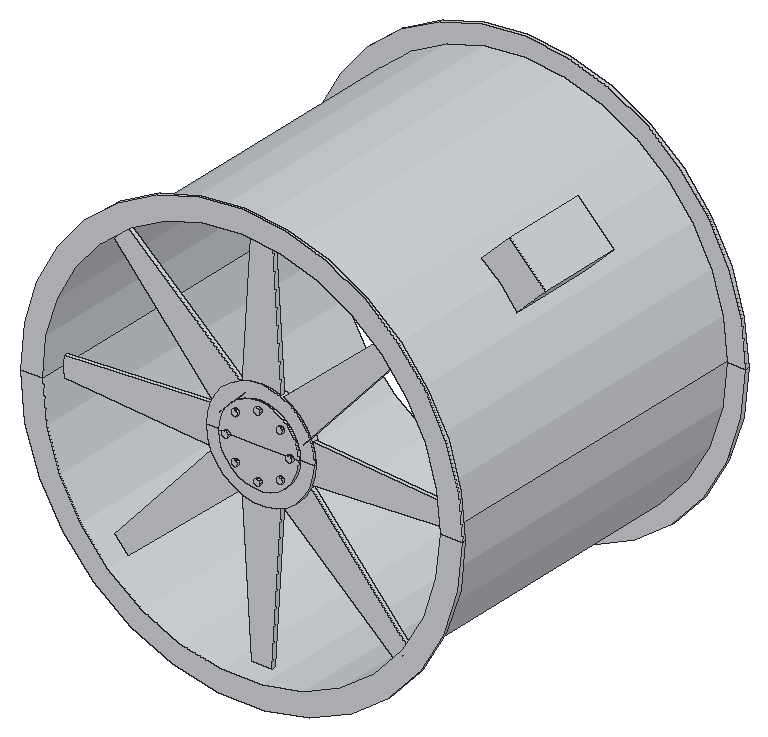
Revit family "CADS_Vent-Axia_MechEquip_Fan_LCA_630_1Ph4P - EXTRACT", category Mechanical Equipment, Revit 2020
Family settings
  Round Connector Dimension = Use Diameter
  Part Type = Normal
  OmniClass Number = 23.75.00.00
  OmniClass Title = Climate Control (HVAC)
  Work Plane-Based = No
  Always vertical = Yes
  Cut with Voids When Loaded = No
  Shared = No
  Room Calculation Point = No
Parameters (values of type "LCA631410")
  nr = NominalDiameter / 2  # 315 mm
  WorkingPressure = 0.0 Pa
  WarrantyStartDate [instance] = "1900-12-31T23:59:59"
  WarrantyPeriod = ""
  WarrantyIdentifier = "N/A"
  WarrantyGuarantorParts = "tech@vent-axia.com"
  WarrantyGuarantorLabor = "tech@vent-axia.com"
  WarrantyGuarantor = "Vent-Axia Limited"
  WarrantyEndDate [instance] = "1900-12-31T23:59:59"
  WarrantyContent = ""
  TemperatureRange = ""
  TagNumber [instance] = "N/A"
  SustainabilityPerformance = ""
  Status = "New"
  Size = ""
  Shape = ""
  ServiceLifeType = ""
  ServiceLifeDuration = ""
  SerialNumber [instance] = "N/A"
  ReplacementCost = ""
  RatedVoltage = 0 V
  RatedCurrent = 0 A
  Quantity = 1
  ProductionYear = ""
  PressureCurve = ""
  PowerFactor = ""
  PointOfContact = ""
  NumberOfPoles = 0
  NominalWidth = 630 mm
  NominalLength = 565 mm
  NominalHeight = 630 mm
  NominalFrequencyRange = ""
  NominalDiameter = 630 mm
  ModelReference = "LCAX 630mm 1PH 4P 10DEG"
  ModelNumber = "LCA631410"
  Material = ""
  ManufacturerE-Mail = "tech@vent-axia.com"
  ManufacturerAddress = "Fleming Way\nCrawley \nRH10 9YX"
  IsExtendedWarranty = no
  InsulationStandardClass = ""
  InstallationDate [instance] = "1900-12-31T23:59:59"
  IfcExportType [instance] = ""
  IfcExportAs = "IfcFanType"
  IP_Code = ""
  HasProtectiveEarth = no
  GrossWeight = 0.00 kg
  Grade = ""
  GlobalTradeItemNumber [instance] = "N/A"
  Fitting Type = "Ignore"
  Finish = ""
  Features = ""
  ExteriorInsulation = no
  ExpectedServiceLife = 0
  Exclusions = ""
  DurationUnit = "Year"
  Default Elevation = 0 mm
  Constituents = ""
  ConductorFunction = ""
  Color = ""
  CodePerformance = ""
  Category = ""
  CADS_Usage = 0
  CADS_Index = 0
  AssetType = "FIXED"
  AssetIdentifier [instance] = "N/A"
  AssemblyPlace = "UNKNOWN"
  ArticleNumber [instance] = "N/A"
  AirflowRateRange = 0.0 L/s
  Air Flow [instance] = 0.0 L/s
  AccessibilityPerformance = ""
Types (9, lengths in mm): name | ModelReference | ModelNumber
  LCA631410 | "LCAX 630mm 1PH 4P 10DEG" | "LCA631410"
  LCA631412 | "LCAX 630mm 1PH 4P 12DEG" | "LCA631412"
  LCA631414 | "LCAX 630mm 1PH 4P 14DEG" | "LCA631414"
  LCA631416 | "LCAX 630mm 1PH 4P 16DEG" | "LCA631416"
  LCA631418 | "LCAX 630mm 1PH 4P 18DEG" | "LCA631418"
  LCA631420 | "LCAX 630mm 1PH 4P 20DEG" | "LCA631420"
  LCA631422 | "LCAX 630mm 1PH 4P 22DEG" | "LCA631422"
  LCA631424 | "LCAX 630mm 1PH 4P 24DEG" | "LCA631424"
  LCA631426 | "LCAX 630mm 1PH 4P 26DEG" | "LCA631426"
Reference planes
  plane 1 "Center (Front/Back)": y = 0
  plane 2: z = 0
  plane 3 "Center (Left/Right)": x = 0
  plane 4: x = -315
  plane 5: x = 315
  plane 6 "F": y = -282.5
  plane 7 "B": y = 282.5
  plane 8: x = -350
  plane 9: y = 277.5
  plane 10: y = -277.5
  plane 11: x = -320
  plane 12: y = -242.5
  plane 13 "top": z = 315
  plane 14: z = -315
  plane 15 "45deg": through (0, -1524, 0) normal (-0.7071, 0, -0.7071)
  plane 16 "C": through (0, -1524, 0) normal (-0.7071, 0, 0.7071)
Forms (mm)
  Revolve 1, solid
    sketch origin (0, 0, 0) x (1, 0, 0) y (0, 1, 0)
      loop
        line (-350, -282.5) -> (-315, -282.5) -> (-315, 282.5) -> (-350, 282.5) -> (-350, 277.5) -> (-320, 277.5) -> (-320, -277.5) -> (-350, -277.5) -> (-350, -282.5)
      axis (0, 282.5) -> (0, -282.5)
    angle from 0 to 360
  Sweep 2, solid
    path origin (0, 0, 0) x (1, 0, 0) y (0, 0, 1)
      loop
        line (222.739, 222.739) -> (268.701, 268.701)
    profile origin (245.72, 0, 245.72) x (-0.707107, 0, 0.707107) y (0, -1, 0)
      loop
        line (37.5, 55) -> (-42.73, 55) -> (-42.73, -79.5) -> (37.5, -79.5) -> (37.5, 55)
Dimensions and locks
  equal spacing: plane 4, plane 3 "Center (Left/Right)", plane 5
  equal spacing: plane 7 "B", plane 1 "Center (Front/Back)", plane 6 "F"
  "NominalLength": plane 7 "B" to plane 6 "F"
  "NominalDiameter": plane 4 to plane 5
  locked: plane 11 to plane 4 at 5
  locked: plane 8 to plane 11 at 30
  locked: plane 6 "F" to plane 10 at 5
  locked: plane 7 "B" to plane 9 at 5
  locked: plane 6 "F" to plane 12 at 40
  equal spacing: plane 13 "top", level, plane 14
  "NominalDiameter": plane 13 "top" to plane 14
  "nr": Sweep 2 sketch curve to nested 13
  Sweep 2 sketch curve to Sweep 2 sketch curve = 65 mm
  aligned and locked: level to plane 2
  aligned and locked: nested 1 to plane 12
Automatic sketch dimensions
  plane 6 "F" to Revolve 1 sketch curve = 0 mm
  Revolve 1 sketch curve to plane 8 = 0 mm  (x2)
  plane 10 to Revolve 1 sketch curve = 0 mm
  Revolve 1 sketch curve to plane 11 = 0 mm
  Revolve 1 sketch curve to plane 4 = 0 mm
  Revolve 1 sketch curve to plane 3 "Center (Left/Right)" = 0 mm
  plane 1 "Center (Front/Back)" to Revolve 1 sketch curve = 0 mm
  Revolve 1 sketch curve to plane 9 = 0 mm
  Revolve 1 sketch curve to plane 7 "B" = 0 mm
  plane 6 "F" to Revolve 1 sketch curve = 115 mm
  plane 1 "Center (Front/Back)" to Sweep 2 sketch curve = 55 mm
  Sweep 2 sketch curve to profile plane = 37.5 mm
  Sweep 2 sketch curve to Sweep 2 sketch curve = 80.23 mm
  Sweep 2 sketch curve to Sweep 2 sketch curve = 134.5 mm
  Sweep 2 sketch curve to plane 16 "C" = 0 mm  (x2)
Nested families
  nested 1: "Fan for ESC" at (0, -242.5, 0), ND <- "NominalDiameter", type "Fan for ESC"
    with hub 63 mm, ND 630 mm, BoltPCD 50.4 mm, Bolt Count 8, B_Diam 10 mm
  nested 2: "Bolts" at (0, -251.672, -50.4) x (-1, 0, 0) z (0, 1, 0), type "Bolts"
    with bd 10 mm
  nested 3: "Bolts" at (-35.638, -251.672, -35.638) x (-0.7071, 0, 0.7071) z (0, 1, 0), type "Bolts"
    with bd 10 mm
  nested 4: "Bolts" at (-50.4, -251.672, 0) x (0, 0, 1) z (0, 1, 0), type "Bolts"
    with bd 10 mm
  nested 5: "Bolts" at (-35.638, -251.672, 35.638) x (0.7071, 0, 0.7071) z (0, 1, 0), type "Bolts"
    with bd 10 mm
  nested 6: "Bolts" at (35.638, -251.672, 35.638) x (0.7071, 0, -0.7071) z (0, 1, 0), type "Bolts"
    with bd 10 mm
  nested 7: "Bolts" at (0, -251.672, 50.4) x (1, 0, 0) z (0, 1, 0), type "Bolts"
    with bd 10 mm
  nested 8: "ESC Blade" at (0, -242.5, 0), type "ESC Blade"
    with a 20.00°, HR 63 mm, HD 126 mm, BT 31.5 mm, BR 252 mm, BH 40 mm, BD 630 mm, BB 63 mm
  nested 9: "ESC Blade" at (0, -242.5, 0) x (0.7071, 0, -0.7071) z (0.7071, 0, 0.7071), type "ESC Blade"
    with a 20.00°, HR 63 mm, HD 126 mm, BT 31.5 mm, BR 252 mm, BH 40 mm, BD 630 mm, BB 63 mm
  nested 10: "ESC Blade" at (0, -242.5, 0) x (0, 0, -1) z (1, 0, 0), type "ESC Blade"
    with a 20.00°, HR 63 mm, HD 126 mm, BT 31.5 mm, BR 252 mm, BH 40 mm, BD 630 mm, BB 63 mm
  nested 11: "ESC Blade" at (0, -242.5, 0) x (-0.7071, 0, -0.7071) z (0.7071, 0, -0.7071), type "ESC Blade"
    with a 20.00°, HR 63 mm, HD 126 mm, BT 31.5 mm, BR 252 mm, BH 40 mm, BD 630 mm, BB 63 mm
  nested 12: "ESC Blade" at (0, -242.5, 0) x (-1, 0, 0) z (0, 0, -1), type "ESC Blade"
    with a 20.00°, HR 63 mm, HD 126 mm, BT 31.5 mm, BR 252 mm, BH 40 mm, BD 630 mm, BB 63 mm
  nested 13: "ESC Blade" at (0, -242.5, 0) x (-0.7071, 0, -0.7071) z (-0.7071, 0, 0.7071), type "ESC Blade"
    with a 20.00°, HR 63 mm, HD 126 mm, BT 31.5 mm, BR 252 mm, BH 40 mm, BD 630 mm, BB 63 mm
  nested 14: "ESC Blade" at (0, -242.5, 0) x (0, 0, -1) z (-1, 0, 0), type "ESC Blade"
    with a 20.00°, HR 63 mm, HD 126 mm, BT 31.5 mm, BR 252 mm, BH 40 mm, BD 630 mm, BB 63 mm
  nested 15: "ESC Blade" at (0, -242.5, 0) x (0.7071, 0, -0.7071) z (-0.7071, 0, -0.7071), type "ESC Blade"
    with a 20.00°, HR 63 mm, HD 126 mm, BT 31.5 mm, BR 252 mm, BH 40 mm, BD 630 mm, BB 63 mm
  nested 16: "Bolts" at (50.4, -251.672, 0) x (0, 0, -1) z (0, 1, 0), type "Bolts"
    with bd 10 mm
  nested 17: "Bolts" at (35.638, -251.672, -35.638) x (-0.7071, 0, -0.7071) z (0, 1, 0), type "Bolts"
    with bd 10 mm
Connectors
  hvac at (0, -282.5, 0), driven by "NominalDiameter", driven by "Air Flow"
    settings: on Revolve 1, index 1, duct flow 0.0 L/s, flow factor 0, pres drop 0.0 Pa, loss coef 0, conn angle 0.00°, conn width 304.8 mm, conn height 304.8 mm, conn diameter 630 mm, duct sys type 2, conn prof type 0, flow config 0, flow direction 1, loss method 0, conn ref index -1, conn util no, is conn primary yes, conn desc ""
  hvac at (0, 282.5, 0), driven by "NominalDiameter", driven by "Air Flow"
    settings: on Revolve 1, index 2, duct flow 0.0 L/s, flow factor 0, pres drop 0.0 Pa, loss coef 0, conn angle 0.00°, conn width 304.8 mm, conn height 304.8 mm, conn diameter 630 mm, duct sys type 3, conn prof type 0, flow config 1, flow direction 2, loss method 0, conn ref index -1, conn util no, is conn primary no, conn desc ""
Definition of nested family "Fan for ESC"
  Parameters (values of type "Fan for ESC")
    hub [instance] = ND / 10  # 56.7 mm
    ND [instance] = 567 mm
    Model = "."
    Default Elevation = 0 mm
    BoltPCD [instance] = hub - (hub * 0.2)  # 45.36 mm
    Bolt Count [instance] = if(hub < 50 mm, 6, 8)  # 8
    B_Diam [instance] = if(hub < 50 mm, 5 mm, 10 mm)  # 10 mm
  Reference planes
    plane 1 "Center (Front/Back)": y = 0
    plane 2: z = 0
    plane 3 "Center (Left/Right)": x = 0
    plane 4 "back": y = 20
    plane 5 "bolts": y = -9.172
    plane 6 "B": z = 56.7
    plane 7: x = -79.287
    plane 8: x = -56.7
    plane 9 "hubface": y = -6.172
  Forms (mm)
    Revolve 1, solid
      sketch origin (0, 0, 0) x (1, 0, 0) y (0, 1, 0)
        loop
          line (0, 20) -> (-56.7, 20) -> (-56.7, 10.504) -> (-79.287, 10.504) -> (-79.287, -2.597) -> (-56.7, -2.597) -> (-56.7, -6.172) -> (0, -6.172) -> (0, 20)
        axis (0, 20) -> (0, -6.172)
      angle from 0 to 360
    Extrusion 2, solid, not visible
      sketch origin (0, -6.347, -4) x (-1, 0, 0) y (0, 0, 1)
        loop
          circle (0, 84) r 5
      from 0 to 3
  Lines and regions (mm)
    symbolic lines
      curve 1: circle (0, -9.172, 0) r 45.36 normal (0, 1, 0)
    model lines, not visible
      curve 2: line (0, -6.347, 85) -> (0, -6.347, 75)
  Dimensions and locks
    "hub": plane 6 "B" to plane 2
    "hub": nested 3 to plane 3 "Center (Left/Right)"
    "hub": nested 4 to plane 3 "Center (Left/Right)"
    "hub": nested 5 to plane 3 "Center (Left/Right)"
    "hub": plane 3 "Center (Left/Right)" to nested 6
    "hub": Revolve 1 sketch curve to Revolve 1 sketch curve
    "hub": plane 3 "Center (Left/Right)" to nested 7
    "hub": plane 3 "Center (Left/Right)" to nested 8
    "hub": plane 3 "Center (Left/Right)" to nested 9
    "hub": plane 8 to plane 3 "Center (Left/Right)"
    plane 7 to plane 8 = 22.587 mm
    diameter of Extrusion 2 sketch curve = 10 mm
    "BoltPCD": radius of curve 1
    "BoltPCD": radius of radial array
    aligned and locked: level to plane 2
    aligned and locked: plane 6 "B" to nested 1
  Automatic sketch dimensions
    Revolve 1 sketch curve to plane 7 = 0 mm
    Revolve 1 sketch curve to plane 8 = 0 mm  (x2)
    Revolve 1 sketch curve to plane 3 "Center (Left/Right)" = 0 mm
    Revolve 1 sketch curve to plane 9 "hubface" = 0 mm
    plane 4 "back" to Revolve 1 sketch curve = 0 mm
    plane 1 "Center (Front/Back)" to Revolve 1 sketch curve = 2.597 mm
    plane 4 "back" to Revolve 1 sketch curve = 9.496 mm
    Revolve 1 sketch curve to Revolve 1 sketch curve = 5 mm
    Revolve 1 sketch curve to plane 4 "back" = 45 mm
    curve 1 to level = 0 mm
    curve 1 to plane 3 "Center (Left/Right)" = 0 mm
  Nested families
    nested 1: "ESC Blade" at (0, 0, 0), BD <- "ND", HD <- "hub", type "ESC Blade"
      with a 20.00°, HR 56.7 mm, HD 113.4 mm, BT 28.35 mm, BR 226.8 mm, BH 40 mm, BD 567 mm, BB 56.7 mm
    nested 2: "ESC Blade" at (0, 0, 755), BD <- "ND", HD <- "hub", type "ESC Blade", not visible
      with a 20.00°, HR 56.7 mm, HD 113.4 mm, BT 28.35 mm, BR 226.8 mm, BH 40 mm, BD 567 mm, BB 56.7 mm
    nested 3: "ESC Blade" at (0, 0, 0) x (0.7071, 0, -0.7071) z (0.7071, 0, 0.7071), BD <- "ND", HD <- "hub", type "ESC Blade"
      with a 20.00°, HR 56.7 mm, HD 113.4 mm, BT 28.35 mm, BR 226.8 mm, BH 40 mm, BD 567 mm, BB 56.7 mm
    nested 4: "ESC Blade" at (0, 0, 0) x (0, 0, -1) z (1, 0, 0), BD <- "ND", HD <- "hub", type "ESC Blade"
      with a 20.00°, HR 56.7 mm, HD 113.4 mm, BT 28.35 mm, BR 226.8 mm, BH 40 mm, BD 567 mm, BB 56.7 mm
    nested 5: "ESC Blade" at (0, 0, 0) x (-0.7071, 0, -0.7071) z (0.7071, 0, -0.7071), BD <- "ND", HD <- "hub", type "ESC Blade"
      with a 20.00°, HR 56.7 mm, HD 113.4 mm, BT 28.35 mm, BR 226.8 mm, BH 40 mm, BD 567 mm, BB 56.7 mm
    nested 6: "ESC Blade" at (0, 0, 0) x (-1, 0, 0) z (0, 0, -1), BD <- "ND", HD <- "hub", type "ESC Blade"
      with a 20.00°, HR 56.7 mm, HD 113.4 mm, BT 28.35 mm, BR 226.8 mm, BH 40 mm, BD 567 mm, BB 56.7 mm
    nested 7: "ESC Blade" at (0, 0, 0) x (-0.7071, 0, -0.7071) z (-0.7071, 0, 0.7071), BD <- "ND", HD <- "hub", type "ESC Blade"
      with a 20.00°, HR 56.7 mm, HD 113.4 mm, BT 28.35 mm, BR 226.8 mm, BH 40 mm, BD 567 mm, BB 56.7 mm
    nested 8: "ESC Blade" at (0, 0, 0) x (0, 0, -1) z (-1, 0, 0), BD <- "ND", HD <- "hub", type "ESC Blade"
      with a 20.00°, HR 56.7 mm, HD 113.4 mm, BT 28.35 mm, BR 226.8 mm, BH 40 mm, BD 567 mm, BB 56.7 mm
    nested 9: "ESC Blade" at (0, 0, 0) x (0.7071, 0, -0.7071) z (-0.7071, 0, -0.7071), BD <- "ND", HD <- "hub", type "ESC Blade"
      with a 20.00°, HR 56.7 mm, HD 113.4 mm, BT 28.35 mm, BR 226.8 mm, BH 40 mm, BD 567 mm, BB 56.7 mm
    nested 10: "Bolts" at (0, -9.172, 45.36) x (1, 0, 0) z (0, 1, 0), bd <- "B_Diam", type "Bolts"
      with bd 10 mm
    nested 11: "Bolts" at (32.074, -9.172, 32.074) x (0.7071, 0, -0.7071) z (0, 1, 0), bd <- "B_Diam", type "Bolts"
      with bd 10 mm
    nested 12: "Bolts" at (-32.074, -9.172, 32.074) x (0.7071, 0, 0.7071) z (0, 1, 0), bd <- "B_Diam", type "Bolts"
      with bd 10 mm
    nested 13: "Bolts" at (-45.36, -9.172, 0) x (0, 0, 1) z (0, 1, 0), bd <- "B_Diam", type "Bolts"
      with bd 10 mm
    nested 14: "Bolts" at (-32.074, -9.172, -32.074) x (-0.7071, 0, 0.7071) z (0, 1, 0), bd <- "B_Diam", type "Bolts"
      with bd 10 mm
    nested 15: "Bolts" at (0, -9.172, -45.36) x (-1, 0, 0) z (0, 1, 0), bd <- "B_Diam", type "Bolts"
      with bd 10 mm
    nested 16: "Bolts" at (32.074, -9.172, -32.074) x (-0.7071, 0, -0.7071) z (0, 1, 0), bd <- "B_Diam", type "Bolts"
      with bd 10 mm
    nested 17: "Bolts" at (45.36, -9.172, 0) x (0, 0, -1) z (0, 1, 0), bd <- "B_Diam", type "Bolts"
      with bd 10 mm
  Definition of nested family "ESC Blade"
    Parameters (values of type "ESC Blade")
      a [instance] = 20.00°
      HR [instance] = HD / 2  # 30 mm
      HD [instance] = BD / 5  # 60 mm
      Default Elevation = 1219.2 mm
      BT [instance] = BD / 20  # 15 mm
      BR [instance] = (BD / 2) - HR  # 120 mm
      BH [instance] = 40 mm
      BD [instance] = 300 mm
      BB [instance] = BD / 10  # 30 mm
    Reference planes
      plane 1 "Center (Front/Back)": y = 0
      plane 2: z = 0
      plane 3 "Center (Left/Right)": x = 0
      plane 4 "Blade Bot": z = 30
      plane 5: x = -15
      plane 6: x = 15
      plane 7: x = -7.5
      plane 8: x = 7.5
    Forms (mm)
      Blend 1, solid
        base sketch origin (0, 0, 30) x (-1, 0, 0) y (0, -1, 0)
          loop
            line (15, 0) -> (-15, 0) -> (-15, -6) -> (15, -6) -> (15, 0)
        top sketch origin (0, 0, 30) x (-1, 0, 0) y (0, -1, 0)
          loop
            line (7.5, -6) -> (7.5, 0) -> (-7.5, 0) -> (-7.5, -6) -> (7.5, -6)
        from 0 to 120 <- "BR"
    Dimensions and locks
      "HR": plane 4 "Blade Bot" to level
      equal spacing: plane 8, plane 3 "Center (Left/Right)", plane 7
      "BT": plane 8 to plane 7
      equal spacing: plane 6, plane 3 "Center (Left/Right)", plane 5
      "BB": plane 6 to plane 5
      aligned and locked: level to plane 2
    Automatic sketch dimensions
      plane 1 "Center (Front/Back)" to Blend 1 sketch curve = 0 mm  (x2)
      Blend 1 sketch curve to plane 6 = 0 mm
      Blend 1 sketch curve to plane 5 = 0 mm
      Blend 1 sketch curve to plane 1 "Center (Front/Back)" = 6 mm  (x2)
      Blend 1 sketch curve to plane 8 = 0 mm
      Blend 1 sketch curve to plane 7 = 0 mm
  Definition of nested family "Bolts"
    Parameters
      bd [instance] = 10 mm
      Default Elevation = 1219.2 mm
    Reference planes
      plane 1 "Center (Front/Back)": y = 0
      plane 2: z = 0
      plane 3 "Center (Left/Right)": x = 0
    Forms (mm)
      Extrusion 1, solid
        sketch origin (0, 0, 0) x (1, 0, 0) y (0, 1, 0)
          loop
            line (-1219.2, 1219.2) -> (-1219.2, -1219.2) -> (1219.2, -1219.2) -> (1219.2, 1219.2) -> (-1219.2, 1219.2)
        from 0 to -304.8
      Extrusion 2, solid
        sketch origin (0, 0, 0) x (1, 0, 0) y (0, 1, 0)
          loop
            circle (0, 0) r 5
        from 0 to 3
    Dimensions and locks
      "bd": diameter of Extrusion 2 sketch curve
      aligned and locked: plane 2 to Extrusion 1
      aligned and locked: level to Extrusion 1
    Automatic sketch dimensions
      Extrusion 1 sketch curve to Extrusion 1 sketch curve = 2438.4 mm  (x2)
      plane 1 "Center (Front/Back)" to Extrusion 2 sketch curve = 0 mm
      Extrusion 2 sketch curve to plane 3 "Center (Left/Right)" = 0 mm
Definition of nested family "Bolts"
  Parameters
    bd [instance] = 10 mm
    Default Elevation = 1219.2 mm
  Reference planes
    plane 1 "Center (Front/Back)": y = 0
    plane 2: z = 0
    plane 3 "Center (Left/Right)": x = 0
  Forms (mm)
    Extrusion 1, solid
      sketch origin (0, 0, 0) x (1, 0, 0) y (0, 1, 0)
        loop
          line (-1219.2, 1219.2) -> (-1219.2, -1219.2) -> (1219.2, -1219.2) -> (1219.2, 1219.2) -> (-1219.2, 1219.2)
      from 0 to -304.8
    Extrusion 2, solid
      sketch origin (0, 0, 0) x (1, 0, 0) y (0, 1, 0)
        loop
          circle (0, 0) r 5
      from 0 to 3
  Dimensions and locks
    "bd": diameter of Extrusion 2 sketch curve
    aligned and locked: plane 2 to Extrusion 1
    aligned and locked: level to Extrusion 1
  Automatic sketch dimensions
    Extrusion 1 sketch curve to Extrusion 1 sketch curve = 2438.4 mm  (x2)
    plane 1 "Center (Front/Back)" to Extrusion 2 sketch curve = 0 mm
    Extrusion 2 sketch curve to plane 3 "Center (Left/Right)" = 0 mm
Definition of nested family "ESC Blade"
  Parameters (values of type "ESC Blade")
    a [instance] = 20.00°
    HR [instance] = HD / 2  # 30 mm
    HD [instance] = BD / 5  # 60 mm
    Default Elevation = 1219.2 mm
    BT [instance] = BD / 20  # 15 mm
    BR [instance] = (BD / 2) - HR  # 120 mm
    BH [instance] = 40 mm
    BD [instance] = 300 mm
    BB [instance] = BD / 10  # 30 mm
  Reference planes
    plane 1 "Center (Front/Back)": y = 0
    plane 2: z = 0
    plane 3 "Center (Left/Right)": x = 0
    plane 4 "Blade Bot": z = 30
    plane 5: x = -15
    plane 6: x = 15
    plane 7: x = -7.5
    plane 8: x = 7.5
  Forms (mm)
    Blend 1, solid
      base sketch origin (0, 0, 30) x (-1, 0, 0) y (0, -1, 0)
        loop
          line (15, 0) -> (-15, 0) -> (-15, -6) -> (15, -6) -> (15, 0)
      top sketch origin (0, 0, 30) x (-1, 0, 0) y (0, -1, 0)
        loop
          line (7.5, -6) -> (7.5, 0) -> (-7.5, 0) -> (-7.5, -6) -> (7.5, -6)
      from 0 to 120 <- "BR"
  Dimensions and locks
    "HR": plane 4 "Blade Bot" to level
    equal spacing: plane 8, plane 3 "Center (Left/Right)", plane 7
    "BT": plane 8 to plane 7
    equal spacing: plane 6, plane 3 "Center (Left/Right)", plane 5
    "BB": plane 6 to plane 5
    aligned and locked: level to plane 2
  Automatic sketch dimensions
    plane 1 "Center (Front/Back)" to Blend 1 sketch curve = 0 mm  (x2)
    Blend 1 sketch curve to plane 6 = 0 mm
    Blend 1 sketch curve to plane 5 = 0 mm
    Blend 1 sketch curve to plane 1 "Center (Front/Back)" = 6 mm  (x2)
    Blend 1 sketch curve to plane 8 = 0 mm
    Blend 1 sketch curve to plane 7 = 0 mm
